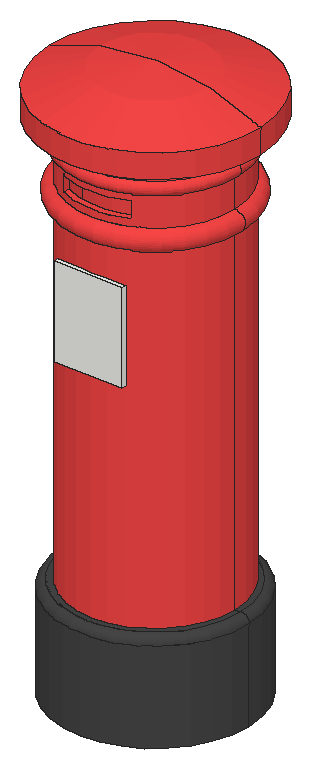
Revit family
Parameters
  Radius = 200 mm
  Height = 1500 mm
  Base Radius = Radius + 35 mm  # 235 mm
  Base Height = 250 mm
Reference planes
  plane 1 "Center (Front/Back)": y = -25
  plane 2: z = 0
  plane 3 "Center (Left/Right)": x = 0
  plane 4: z = 1500
  plane 5: z = 250
  plane 6: z = 200
  plane 7: z = 221.268
  plane 8: x = 200
  plane 9: y = -225
  plane 10: z = 250
Forms (mm)
  Revolve 1, solid, material "Paint - Red Glossy"
    sketch origin (0, -25, 0) x (1, 0, 0) y (0, 0, 1)
      loop
        line (200, 250) -> (200, 1100)
        arc (200, 1100) -> (225, 1125) -> (200, 1150) r 25
        line (200, 1150) -> (200, 1225)
        arc (200, 1225) -> (215, 1240) -> (200, 1255) r 15
        line (200, 1255) -> (200, 1295) -> (265, 1295) -> (265, 1355)
        arc (265, 1355) -> (135.624, 1398.796) -> (0, 1415) r 659.451
        line (0, 1415) -> (0, 1295) -> (185, 1295) -> (185, 250) -> (200, 250)
      axis (0, 1415) -> (0, 250)
    angle from 0 to 360
  Revolve 2, solid, material "Paint - Black Glossy"
    sketch origin (0, -25, 0) x (1, 0, 0) y (0, 0, 1)
      loop
        line (235, 0) -> (235, 230)
        arc (235, 230) -> (229.142, 244.142) -> (215, 250) r 20
        line (215, 250) -> (0, 250) -> (0, 0) -> (225, 0) -> (235, 0)
      axis (0, 250) -> (0, 0)
    angle from 0 to 360
  Extrusion 3, void
    sketch origin (0, -25, 0) x (-1, 0, 0) y (0, 0, 1)
      loop
        line (85, 1207.5) -> (-85, 1207.5) -> (-85, 1167.5) -> (85, 1167.5) -> (85, 1207.5)
    from 0 to -500
  Extrusion 4, solid, material "Paint - White Ivory"
    sketch origin (0, 0, 0) x (0, 1, 0) y (0, 0, 1)
      loop
        line (-225, 1025) -> (-235, 1025) -> (-235, 800) -> (-225, 800) -> (-225, 1025)
    from -85 to 85
Cuts and joins
  Extrusion 3 cuts Revolve 1
  Extrusion 3 cuts Revolve 2
Dimensions and locks
  "Height": plane 4 to level
  Revolve 1 sketch curve to level = 250 mm
  Extrusion 3 sketch curve to cut or joined group of Revolve 1, Extrusion 3 = 17.5 mm
  cut or joined group of Revolve 1, Extrusion 3 to Extrusion 3 sketch curve = 17.5 mm
  locked: plane 5 to plane 6 at 50
  "Radius": plane 3 "Center (Left/Right)" to plane 8
  "Radius": plane 1 "Center (Front/Back)" to plane 9
  locked: Extrusion 4 sketch curve to Extrusion 4 sketch curve at 10
  "Base Height": plane 10 to level
  "Base Radius": Revolve 2 sketch curve to plane 3 "Center (Left/Right)"
  aligned and locked: plane 8 to Revolve 1 sketch curve
  aligned and locked: Extrusion 4 sketch curve to plane 9
  aligned and locked: plane 10 to Revolve 2 sketch curve
  aligned and locked: plane 10 to Revolve 1 sketch curve
  aligned and locked: level to Revolve 2 sketch curve
  aligned and locked: Revolve 2 sketch curve to plane 3 "Center (Left/Right)"
Automatic sketch dimensions
  Revolve 1 sketch curve to plane 3 "Center (Left/Right)" = 0 mm  (x2)
  Revolve 1 sketch curve to level = 0 mm
  Revolve 1 sketch curve to plane 4 = 0 mm
  Revolve 1 sketch curve to plane 3 "Center (Left/Right)" = 10 mm
  Revolve 1 sketch curve to Revolve 1 sketch curve = 65 mm
  Revolve 1 sketch curve to Revolve 1 sketch curve = 505.625 mm
  plane 4 to Revolve 1 sketch curve = 400 mm
  Revolve 1 sketch curve to Revolve 1 sketch curve = 25 mm
  Revolve 1 sketch curve to Revolve 1 sketch curve = 75 mm
  Revolve 1 sketch curve to Revolve 1 sketch curve = 15 mm  (x2)
  Revolve 1 sketch curve to Revolve 1 sketch curve = 40 mm
  Revolve 1 sketch curve to Revolve 1 sketch curve = 0 mm
  Revolve 1 sketch curve to Revolve 1 sketch curve = 60 mm
  plane 3 "Center (Left/Right)" to Extrusion 3 sketch curve = 85 mm
  Extrusion 3 sketch curve to plane 3 "Center (Left/Right)" = 85 mm
  plane 4 to Extrusion 4 sketch curve = 700 mm
  Extrusion 4 sketch curve to Extrusion 4 sketch curve = 225 mm
  Revolve 2 sketch curve to plane 3 "Center (Left/Right)" = 0 mm
  Revolve 2 sketch curve to level = 0 mm  (x2)
  Revolve 2 sketch curve to Revolve 2 sketch curve = 240 mm
  Revolve 2 sketch curve to Revolve 2 sketch curve = 0 mm
  plane 3 "Center (Left/Right)" to Revolve 2 sketch curve = 225 mm
  Revolve 2 sketch curve to plane 7 = 8.732 mm
